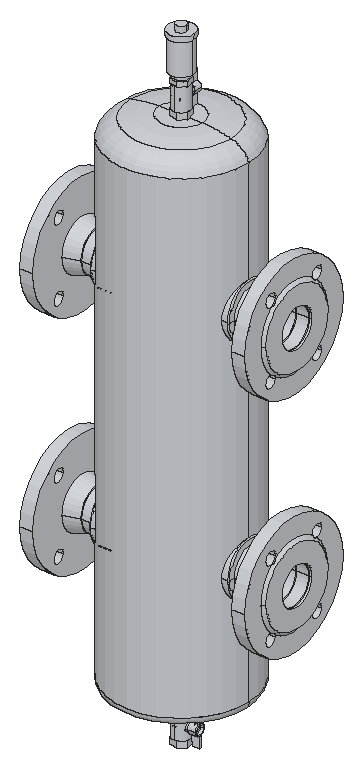
Revit family "Magnetic Dirt-Separator - R146IY106", category Plumbing Fixtures, Revit 2015
Reference planes
  plane 1 "Center (Front/Back)": y = 0
  plane 2: z = 0
  plane 3 "Center (Left/Right)": x = 0
  plane 4: y = 27.082
  plane 5: y = -27.082
  plane 6: y = 27.082
  plane 7: y = -27.082
  plane 8: y = 27.082
  plane 9: y = -27.082
  plane 10: y = 27.082
  plane 11: y = -27.082
  plane 12: y = 27.082
  plane 13: y = -27.082
  plane 14: y = 27.082
  plane 15: y = -27.082
  plane 16: z = 1004
  plane 17: z = 642
  plane 18: z = 282
  plane 19: x = 180
  plane 20: x = -180
  plane 21: x = -105
  plane 22: x = 105
Forms (mm)
  Revolve 1, solid
    sketch origin (0, 0, 3) x (1, 0, 0) y (0, 0, 1)
      loop
        line (-105, 843.178) -> (-105, 90.761)
        arc (-105, 90.761) -> (-104.21, 86.246) -> (-101.935, 82.267) r 13.306
        arc (-101.935, 82.267) -> (-66.697, 65.042) -> (-28.023, 58.503) r 137.074
        line (-28.023, 58.503) -> (0, 58.503) -> (0, 874.17) -> (-33.092, 874.17)
        arc (-33.092, 874.17) -> (-55.817, 872.505) -> (-78.188, 868.18) r 193.539
        arc (-78.188, 868.18) -> (-94.791, 859.107) -> (-105, 843.178) r 38.188
      axis (0, 874.17) -> (0, 58.503)
    angle from 0 to 360
  Extrusion 2, solid
    sketch origin (-37.5, 0, -41.263) x (0, 1, 0) y (0, 0, -1)
      loop
        circle (0, -323.263) r 32.5
    from -167.5 to 92.5
  Extrusion 3, solid
    sketch origin (0, 0, 37.792) x (0, -1, 0) y (1, 0, 0)
      loop
        line (-9.899, 9.899) -> (-13.523, -3.623) -> (-3.623, -13.523) -> (9.899, -9.899) -> (13.523, 3.623) -> (3.623, 13.523) -> (-9.899, 9.899)
    from 7.343 to 14.343
  Extrusion 4, solid
    sketch origin (0, 0, 53.87) x (0, -1, 0) y (1, 0, 0)
      loop
        circle (0, 0) r 12
    from -1.736 to 1.264
  Extrusion 5, solid
    sketch origin (0, 0, 49.331) x (0, -1, 0) y (1, 0, 0)
      loop
        circle (0, 0) r 13
    from 5.803 to 12.803
  Revolve 6, solid
    sketch origin (16.384, 0, 28.102) x (1, 0, 0) y (0, 1, 0)
      loop
        line (0.632, -8.291) -> (12.097, -8.291) -> (12.563, -7.291) -> (6.89, -7.291) -> (6.89, -2.2) -> (10.212, -2.2) -> (10.212, 0) -> (-27.115, 0) -> (-27.115, -7) -> (0.632, -7) -> (0.632, -8.291)
      axis (-27.115, 0) -> (12.563, 0)
    angle from 0 to 360
  Extrusion 7, solid
    sketch origin (0, -1, -5.625) x (-1, 0, 0) y (0, 0, 1)
      loop
        line (-17.015, 41.903) -> (-17.015, 47.933) -> (-19.099, 58.652) -> (-28.947, 58.652) -> (-28.947, 42.73) -> (-28.47, 41.903) -> (-17.015, 41.903)
      loop
        line (-19.099, 8.802) -> (-17.015, 19.522) -> (-17.015, 25.572) -> (-28.458, 25.572) -> (-28.947, 24.724) -> (-28.947, 8.802) -> (-19.099, 8.802)
    from 0 to 2
  SweptBlend 8, solid
    path origin (15, 0, -65) x (1, 0, 0) y (0, 0, 1)
      loop
        line (140, 347) -> (115, 347)
    profile origin (155, 0, 282) x (0, 0, -1) y (0, -1, 0)
      loop
        circle (0, 0) r 40
    end profile origin (130, 0, 282) x (0, 0, -1) y (0, -1, 0)
      loop
        circle (0, 0) r 32.5
  Extrusion 9, solid
    sketch origin (-77.5, 0, -41.263) x (0, 1, 0) y (0, 0, 1)
      loop
        circle (0, 323.263) r 95
    from -97.5 to -77.5
  SweptBlend 10, solid
    path origin (-15, 0, -65) x (-1, 0, 0) y (0, 0, -1)
      loop
        line (140, -347) -> (115, -347)
    profile origin (-155, 0, 282) x (0, 0, 1) y (0, -1, 0)
      loop
        circle (0, 0) r 40
    end profile origin (-130, 0, 282) x (0, 0, 1) y (0, -1, 0)
      loop
        circle (0, 0) r 32.5
  SweptBlend 11, solid
    path origin (-307.5, 0, -65) x (1, 0, 0) y (0, 0, 1)
      loop
        line (132.5, 347) -> (127.5, 347)
    profile origin (-175, 0, 282) x (0, 0, -1) y (0, -1, 0)
      loop
        circle (0, 0) r 65
    end profile origin (-180, 0, 282) x (0, 0, -1) y (0, -1, 0)
      loop
        circle (0, 0) r 60
  Extrusion 12, solid
    sketch origin (0, 0, -7.343) x (0, -1, 0) y (1, 0, 0)
      loop
        line (-9.899, 9.899) -> (-13.523, -3.623) -> (-3.623, -13.523) -> (9.899, -9.899) -> (13.523, 3.623) -> (3.623, 13.523) -> (-9.899, 9.899)
    from 7.343 to 17.343
  Extrusion 13, solid
    sketch origin (0, 0, 36.27) x (0, -1, 0) y (1, 0, 0)
      loop
        circle (0, 0) r 13
    from -26.27 to 8.865
  Extrusion 14, solid
    sketch origin (77.5, 0, -41.263) x (0, 1, 0) y (0, 0, -1)
      loop
        circle (0, -323.263) r 95
    from -97.5 to -77.5
  SweptBlend 15, solid
    path origin (307.5, 0, -65) x (-1, 0, 0) y (0, 0, -1)
      loop
        line (132.5, -347) -> (127.5, -347)
    profile origin (175, 0, 282) x (0, 0, 1) y (0, -1, 0)
      loop
        circle (0, 0) r 65
    end profile origin (180, 0, 282) x (0, 0, 1) y (0, -1, 0)
      loop
        circle (0, 0) r 60
  Extrusion 16, void
    sketch origin (15, 0, -65) x (0, 1, 0) y (0, 0, 1)
      loop
        circle (-45.307, 403.596) r 10
    from 134.322 to 170
  Extrusion 17, void
    sketch origin (15, 90.614, -65) x (0, 1, 0) y (0, 0, 1)
      loop
        circle (-45.307, 403.596) r 10
    from 134.322 to 170
  Extrusion 18, void
    sketch origin (15, 90.614, -178.193) x (0, 1, 0) y (0, 0, 1)
      loop
        circle (-45.307, 403.596) r 10
    from 134.322 to 170
  Extrusion 19, void
    sketch origin (15, 0, -178.193) x (0, 1, 0) y (0, 0, 1)
      loop
        circle (-45.307, 403.596) r 10
    from 134.322 to 170
  Extrusion 20, void
    sketch origin (-315, 90.614, -65) x (0, 1, 0) y (0, 0, 1)
      loop
        circle (-45.307, 403.596) r 10
    from 127.052 to 170
  Extrusion 21, void
    sketch origin (-315, 90.614, -178.193) x (0, 1, 0) y (0, 0, 1)
      loop
        circle (-45.307, 403.596) r 10
    from 129.816 to 170
  Extrusion 22, void
    sketch origin (-315, 0, -178.193) x (0, 1, 0) y (0, 0, 1)
      loop
        circle (-45.307, 403.596) r 10
    from 129.816 to 170
  Extrusion 23, void
    sketch origin (-315, 0, -65) x (0, 1, 0) y (0, 0, 1)
      loop
        circle (-45.307, 403.596) r 10
    from 129.816 to 170
  Revolve 24, solid
    sketch origin (0, 0, 282) x (1, 0, 0) y (0, 1, 0)
      loop
        line (-108.738, 32.971) -> (108.23, 32.971) -> (108.23, 41.322)
        arc (108.23, 41.322) -> (107.792, 42.378) -> (106.737, 42.815) r 1.492
        line (106.737, 42.815) -> (-107.245, 42.815)
        arc (-107.245, 42.815) -> (-108.3, 42.378) -> (-108.738, 41.322) r 1.492
        line (-108.738, 41.322) -> (-108.738, 32.971)
      axis (108.23, 0) -> (-108.738, 0)
    angle from 0 to 360
  Sweep 25, void
    path origin (0, 0, 20) x (1, 0, 0) y (0, 1, 0)
      loop
        line (-190, 0) -> (195, 0)
    profile origin (2.5, 0, 20) x (0, 1, 0) y (0, 0, 1)
      loop
        circle (0, 262) r 30
  Extrusion 26, solid
    sketch origin (-37.5, 0, 318.737) x (0, 1, 0) y (0, 0, -1)
      loop
        circle (0, -323.263) r 32.5
    from -167.5 to 92.5
  SweptBlend 27, solid
    path origin (15, 0, 295) x (1, 0, 0) y (0, 0, 1)
      loop
        line (140, 347) -> (115, 347)
    profile origin (155, 0, 642) x (0, 0, -1) y (0, -1, 0)
      loop
        circle (0, 0) r 40
    end profile origin (130, 0, 642) x (0, 0, -1) y (0, -1, 0)
      loop
        circle (0, 0) r 32.5
  Extrusion 28, solid
    sketch origin (-77.5, 0, 318.737) x (0, 1, 0) y (0, 0, 1)
      loop
        circle (0, 323.263) r 95
    from -97.5 to -77.5
  SweptBlend 29, solid
    path origin (-15, 0, 295) x (-1, 0, 0) y (0, 0, -1)
      loop
        line (140, -347) -> (115, -347)
    profile origin (-155, 0, 642) x (0, 0, 1) y (0, -1, 0)
      loop
        circle (0, 0) r 40
    end profile origin (-130, 0, 642) x (0, 0, 1) y (0, -1, 0)
      loop
        circle (0, 0) r 32.5
  SweptBlend 30, solid
    path origin (-307.5, 0, 295) x (1, 0, 0) y (0, 0, 1)
      loop
        line (132.5, 347) -> (127.5, 347)
    profile origin (-175, 0, 642) x (0, 0, -1) y (0, -1, 0)
      loop
        circle (0, 0) r 65
    end profile origin (-180, 0, 642) x (0, 0, -1) y (0, -1, 0)
      loop
        circle (0, 0) r 60
  Extrusion 31, solid
    sketch origin (77.5, 0, 318.737) x (0, 1, 0) y (0, 0, -1)
      loop
        circle (0, -323.263) r 95
    from -97.5 to -77.5
  SweptBlend 32, solid
    path origin (307.5, 0, 295) x (-1, 0, 0) y (0, 0, -1)
      loop
        line (132.5, -347) -> (127.5, -347)
    profile origin (175, 0, 642) x (0, 0, 1) y (0, -1, 0)
      loop
        circle (0, 0) r 65
    end profile origin (180, 0, 642) x (0, 0, 1) y (0, -1, 0)
      loop
        circle (0, 0) r 60
  Extrusion 33, void
    sketch origin (15, 0, 295) x (0, 1, 0) y (0, 0, 1)
      loop
        circle (-45.307, 403.596) r 10
      loop
        circle (45.307, 403.596) r 10
      loop
        circle (45.307, 290.404) r 10
      loop
        circle (-45.307, 290.404) r 10
    from 134.322 to 170
  Extrusion 34, void
    sketch origin (-317.5, 90.614, 295) x (0, 1, 0) y (0, 0, 1)
      loop
        circle (-45.307, 403.596) r 10
      loop
        circle (-135.921, 403.596) r 10
      loop
        circle (-135.921, 290.404) r 10
      loop
        circle (-45.307, 290.404) r 10
    from 127.052 to 170
  Revolve 35, solid
    sketch origin (0, 0, 642) x (1, 0, 0) y (0, 1, 0)
      loop
        line (-108.053, 32.969) -> (108.139, 32.969) -> (108.139, 41.32)
        arc (108.139, 41.32) -> (107.701, 42.375) -> (106.646, 42.812) r 1.492
        line (106.646, 42.812) -> (-106.561, 42.812)
        arc (-106.561, 42.812) -> (-107.616, 42.375) -> (-108.053, 41.32) r 1.492
        line (-108.053, 41.32) -> (-108.053, 32.969)
      axis (108.139, 0) -> (-108.053, 0)
    angle from 0 to 360
  Sweep 36, void
    path origin (0, 0, 100) x (1, 0, 0) y (0, 1, 0)
      loop
        line (-215, 0) -> (220, 0)
    profile origin (2.5, 0, 100) x (0, 1, 0) y (0, 0, 1)
      loop
        circle (0, 542) r 30
  Extrusion 37, solid
    sketch origin (0, 0, 876.524) x (1, 0, 0) y (0, 1, 0)
      loop
        line (9.899, 9.899) -> (-3.623, 13.523) -> (-13.523, 3.623) -> (-9.899, -9.899) -> (3.623, -13.523) -> (13.523, -3.623) -> (9.899, 9.899)
    from -0.077 to 10.593
  Extrusion 38, solid
    sketch origin (0, 0, 914.909) x (0, -1, 0) y (1, 0, 0)
      loop
        line (-9.899, 9.899) -> (-13.523, -3.623) -> (-3.623, -13.523) -> (9.899, -9.899) -> (13.523, 3.623) -> (3.623, 13.523) -> (-9.899, 9.899)
    from 7.343 to 14.343
  Extrusion 39, solid
    sketch origin (0, 0, 930.987) x (0, -1, 0) y (1, 0, 0)
      loop
        circle (0, 0) r 12
    from -1.736 to 1.264
  Extrusion 40, solid
    sketch origin (0, 0, 926.448) x (0, -1, 0) y (1, 0, 0)
      loop
        circle (0, 0) r 13
    from 5.803 to 12.803
  Revolve 41, solid
    sketch origin (0, 16.384, 905.219) x (0, 1, 0) y (-1, 0, 0)
      loop
        line (0.632, -8.291) -> (12.097, -8.291) -> (12.563, -7.291) -> (6.89, -7.291) -> (6.89, -2.2) -> (10.212, -2.2) -> (10.212, 0) -> (-27.115, 0) -> (-27.115, -7) -> (0.632, -7) -> (0.632, -8.291)
      axis (-27.115, 0) -> (12.563, 0)
    angle from 0 to 360
  Extrusion 42, solid
    sketch origin (1, 0, 871.492) x (0, -1, 0) y (0, 0, 1)
      loop
        line (-17.015, 41.903) -> (-17.015, 47.933) -> (-19.099, 58.652) -> (-28.947, 58.652) -> (-28.947, 42.73) -> (-28.47, 41.903) -> (-17.015, 41.903)
      loop
        line (-19.099, 8.802) -> (-17.015, 19.522) -> (-17.015, 25.572) -> (-28.458, 25.572) -> (-28.947, 24.724) -> (-28.947, 8.802) -> (-19.099, 8.802)
    from 0 to 2
  Extrusion 43, solid
    sketch origin (0, 0, 913.387) x (0, -1, 0) y (1, 0, 0)
      loop
        circle (0, 0) r 13
    from -26.27 to 8.865
  Extrusion 44, solid
    sketch origin (0, 0, 996) x (1, 0, 0) y (0, 1, 0)
      loop
        circle (0, 0) r 8
    from 0 to 8
  Extrusion 45, solid
    sketch origin (0, 0, 989) x (1, 0, 0) y (0, 1, 0)
      loop
        circle (0, 0) r 20
    from 0 to 7
  Extrusion 46, solid
    sketch origin (0, 0, 970.505) x (1, 0, 0) y (0, 1, 0)
      loop
        circle (0, 0) r 18
    from -31.254 to 18.495
Cuts and joins
  Extrusion 16, Sweep 25, Sweep 36 cuts Revolve 1
  Extrusion 16, Extrusion 17, Extrusion 18, Extrusion 19, Sweep 25, Extrusion 33 cuts Extrusion 14
  Extrusion 16, Extrusion 17, Extrusion 18, Extrusion 19, Sweep 25, Extrusion 33 cuts SweptBlend 15
  Extrusion 20, Extrusion 21, Extrusion 22, Extrusion 23, Sweep 25, Extrusion 34 cuts Extrusion 9
  Extrusion 20, Extrusion 21, Extrusion 22, Extrusion 23, Sweep 25, Extrusion 34 cuts SweptBlend 11
  Sweep 25 cuts Extrusion 2
  Sweep 25 cuts SweptBlend 8
  Sweep 25 cuts SweptBlend 10
  Extrusion 33, Sweep 36 cuts Extrusion 31
  Extrusion 33, Sweep 36 cuts SweptBlend 32
  Extrusion 34, Sweep 36 cuts Extrusion 28
  Extrusion 34, Sweep 36 cuts SweptBlend 30
  Sweep 36 cuts Extrusion 26
  Sweep 36 cuts SweptBlend 27
  Sweep 36 cuts SweptBlend 29
Dimensions and locks
  level to plane 16 = 1004 mm
  level to plane 18 = 282 mm
  plane 18 to plane 17 = 360 mm
  plane 17 to plane 16 = 362 mm
  plane 22 to plane 3 "Center (Left/Right)" = 105 mm
  plane 3 "Center (Left/Right)" to plane 21 = 105 mm
  plane 19 to plane 3 "Center (Left/Right)" = 180 mm
  plane 3 "Center (Left/Right)" to plane 20 = 180 mm
  aligned and locked: level to plane 2
